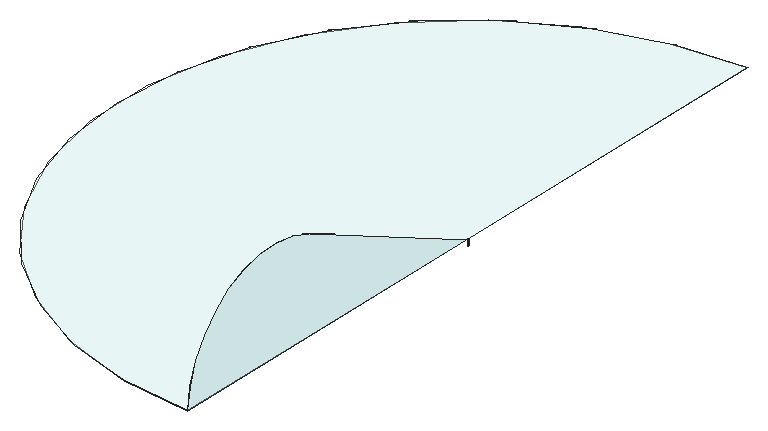
Revit family "Rotor Falvon 6504 Series - I6504FCSSNP", category Acessórios do tubo, Revit 2020
Family settings
  Cota do conector redondo = Utilizar diâmetro
  Tipo de parte = Normal
  Número OmniClass = 23.60.30.11.14
  Título OmniClass = Pipework Fittings
  Com base no plano de trabalho = Não
  Sempre na vertical = Sim
  Corte com vazios quando carregada = Não
  Compartilhado = Não
Parameters (values of type "Nozzle 18")
  Water = Water
  URL = "https://www.rainbird.com/"
  TABLE 90 = "TABLE 90psi"
  TABLE 80 = "TABLE 80psi"
  TABLE 70 = "TABLE 70psi"
  TABLE 60 = "TABLE 60psi"
  TABLE 50 = "TABLE 50psi"
  TABLE 40 = "TABLE 40psi"
  TABLE 30 = "TABLE 30psi"
  SupportProjetos: Reviw Date = ""  # constant formula
  SupportProjetos: Reviw = "R00"  # constant formula
  SupportProjetos: Level of Detail = "LOD 300"  # constant formula
  SupportProjetos: Developed = "MICHEL SOARES MOTA"  # constant formula
  SupportProjetos: Creation Date = "07/08/2020"  # constant formula
  Side inlet = no
  Rotation Water Visibility [instance] = Pop up on  # yes
  Rotation Angle [instance] = 180.00°
  RainBird: Product Link = "https://www.rainbird.com/"
  RainBird: Description = "FALCON I6504-FC-SS-NP Rotor "  # constant formula
  RainBird: Comment [instance] = ""
  RainBird: Code = "B65831NP"  # constant formula
  Radius [instance] = if(and(Pressure = 30.0 psi, Instance < 3 ft), size_lookup(TABLE 30, "Radius", 0 ft, Instance), if(and(Pressure = 40.0 psi, Instance < 9 ft), size_lookup(TABLE 40, "Radius", 0 ft, Instance), if(and(Pressure = 50.0 psi, Instance < 9 ft), size_lookup(TABLE 50, "Radius", 0 ft, Instance), if(and(Pressure = 60.0 psi, Instance < 9 ft), size_lookup(TABLE 60, "Radius", 0 ft, Instance), if(and(Pressure = 70.0 psi, Instance < 9 ft), size_lookup(TABLE 70, "Radius", 0 ft, Instance), if(and(Pressure = 80.0 psi, Instance < 9 ft), size_lookup(TABLE 80, "Radius", 0 ft, Instance), if(and(Pressure = 90.0 psi, Instance > 7 ft), size_lookup(TABLE 90, "Radius", 600 ft, Instance), 0 ft)))))))  # 63 ft
  RT = 0.009893 ft
  RN = 0.032808 ft
  R5 = 0.03937 ft
  R4 = 0.04101 ft
  R3 = 0.065617 ft
  R2 = 0.075407 ft
  R1 = 0.032808 ft
  Pressure [instance] = 60.0 psi
  Pop up height = 0.334646 ft
  Pop up on [instance] = yes
  Modelo = "I6504-FCSSNP"  # constant formula
  Instance = 8 ft
  H1 = Body height / 3  # 0.236333 ft
  Flow [instance] = if(and(Pressure = 30.0 psi, Instance < 3 ft), size_lookup(TABLE 30, "Flow", 0.0 GPM, Instance), if(and(Pressure = 40.0 psi, Instance < 9 ft), size_lookup(TABLE 40, "Flow", 0.0 GPM, Instance), if(and(Pressure = 50.0 psi, Instance < 9 ft), size_lookup(TABLE 50, "Flow", 0.0 GPM, Instance), if(and(Pressure = 60.0 psi, Instance < 9 ft), size_lookup(TABLE 60, "Flow", 0.0 GPM, Instance), if(and(Pressure = 70.0 psi, Instance < 9 ft), size_lookup(TABLE 70, "Flow", 0.0 GPM, Instance), if(and(Pressure = 80.0 psi, Instance < 9 ft), size_lookup(TABLE 80, "Flow", 0.0 GPM, Instance), if(and(Pressure = 90.0 psi, Instance > 7 ft), size_lookup(TABLE 90, "Flow", 0.0 GPM, Instance), 0.0 GPM)))))))  # 17.1 GPM
  Fabricante = "Rain Bird"
  Elevação padrão = 0 ft
  Description = RainBird: Description  # "FALCON I6504-FC-SS-NP Rotor "
  DD13 = 0.002625 ft
  DD12 = 0.003937 ft
  DD11 = 0.009897 ft
  DD10 = 0.016404 ft
  DD8 [instance] = if(Pop up on, Pop up height, 0 ft)  # 0.334646 ft
  DD7 = 0.019685 ft
  DD6 [instance] = 0.016404 ft
  DD5 = 0.065617 ft
  DD4 = 0.032808 ft
  DD3 = 0.091048 ft
  DD2 [instance] = 0.024514 ft
  DD9 [instance] = if(Pop up on, Pop up height + 0.049541 ft, 0 ft)  # 0.384186 ft
  DD1 = 0.006562 ft
  Conection = 0.062664 ft  # constant formula
  Body height = 0.709 ft  # constant formula
  Blue = Blue Plastic
  Black Plastic = Black Plastic
  Angle = 25.00°
Types (9, lengths in ft): name | Radius | Pressure | Instance | Flow
  (no name) | 63 | 60.0 psi | 8 | 17.1 GPM
  Nozzle 4 | 43 | 80.0 psi | 1 | 4.6 GPM
  Nozzle 6 | 49 | 80.0 psi | 2 | 4.9 GPM
  Nozzle 8 | 53 | 80.0 psi | 3 | 9.4 GPM
  Nozzle 10 | 55 | 80.0 psi | 4 | 11.6 GPM
  Nozzle 12 | 61 | 80.0 psi | 5 | 14.0 GPM
  Tipo 14 | 61 | 80.0 psi | 6 | 16.2 GPM
  Nozzle 16 | 63 | 80.0 psi | 7 | 18.1 GPM
  Nozzle 18 | 63 | 60.0 psi | 8 | 17.1 GPM
Reference planes (ft)
  plane 1 "Centro (Frente/Trás)": y = 0
  plane 2: z = 0
  plane 3 "Centro (Esquerda/Direita)": x = 0
  plane 4: z = 0.003937
  plane 5: z = 0.002625
  plane 6: y = -0.065617
Forms (ft)
  Revolve 1, solid, material "Black Plastic" <- "Black Plastic"
    sketch origin (0, 0, 0) x (1, 0, 0) y (0, 0, 1)
      loop
        line (0.075407, -0.091048) -> (0.075407, -0.035324)
        arc (0.075407, -0.035324) -> (0.072509, -0.028329) -> (0.065514, -0.025431) r 0.009893
        line (0.065514, -0.025431) -> (0.046098, -0.025431) -> (0.046098, 0) -> (0.03937, 0) -> (0.03937, -0.334646) -> (0.019685, -0.334646) -> (0.019685, -0.702438) -> (0.032808, -0.702438) -> (0.032808, -0.709) -> (0.04101, -0.709) -> (0.04101, -0.702438) -> (0.055724, -0.702438)
        arc (0.055724, -0.702438) -> (0.062719, -0.699541) -> (0.065617, -0.692545) r 0.009893
        line (0.065617, -0.692545) -> (0.065617, -0.091048) -> (0.075407, -0.091048)
      axis (0, -0.709) -> (0, 0)
    angle from 0 to 360
  Extrusion 2, solid, material "Black Plastic" <- "Black Plastic"
    sketch origin (0, 0, 0) x (1, 0, 0) y (0, 1, 0)
      loop
        circle (0, 0) r 0.032808
    from -0.334646 to 0.334646
  Extrusion 3, void
    sketch origin (0, 0, 0) x (1, 0, 0) y (0, 1, 0)
      loop
        circle (0, 0) r 0.022844
    from -0.334646 to 0.334646
  Revolve 4, solid, material "Black Plastic" <- "Black Plastic"
    sketch origin (0, 0, 0) x (1, 0, 0) y (0, 0, 1)
      loop
        line (0, 0.334646) -> (0.037004, 0.334646) -> (0.037004, 0.344543)
        arc (0.037004, 0.344543) -> (0.01879, 0.349436) -> (0, 0.35105) r 0.10685
        line (0, 0.35105) -> (0, 0.334646)
      axis (0, 0.334646) -> (0, 0.35105)
    angle from 0 to 360
  Extrusion 5, solid, material "Blue Plastic" <- "Blue"
    sketch origin (0, 0, 0) x (1, 0, 0) y (0, 0, 1)
      loop
        circle (0, 0.310131) r 0.009129
      loop
        circle (0, 0.310131) r 0.004793
    from 0 to 0.034386
  Extrusion 6, void
    sketch origin (0, 0, 0) x (1, 0, 0) y (0, 0, 1)
      loop
        line (-0.02074, 0.328055) -> (-0.02074, 0.282426) -> (0.020672, 0.282426) -> (0.020672, 0.328055) -> (-0.02074, 0.328055)
      loop
        line (-0.018439, 0.325179) -> (-0.018439, 0.285685) -> (0.018179, 0.285685) -> (0.018179, 0.325179) -> (-0.018439, 0.325179)
    from 0.024556 to 0.06931
  Extrusion 7, solid, material "Black Plastic" <- "Black Plastic"
    sketch origin (0, 0, 0) x (1, 0, 0) y (0, 0, 1)
      loop
        line (0.046098, 0) -> (0.046098, -0.036876) -> (0.073493, -0.036876) -> (0.046098, 0)
    from -0.002998 to 0.002998
  Extrusion 8, solid, material "Black Plastic" <- "Black Plastic"
    sketch origin (0, 0, 0) x (-1, 0, 0) y (0, 0, -1)
      loop
        line (0.046098, 0) -> (0.073493, 0.036876) -> (0.046098, 0.036876) -> (0.046098, 0)
    from -0.002998 to 0.002998
  Extrusion 9, solid, material "Black Plastic" <- "Black Plastic"
    sketch origin (0, 0, 0) x (0.866025, 0.5, 0) y (0, 0, 1)
      loop
        line (0.046098, 0) -> (0.046098, -0.036876) -> (0.073493, -0.036876) -> (0.046098, 0)
    from -0.002998 to 0.002998
  Extrusion 10, solid, material "Black Plastic" <- "Black Plastic"
    sketch origin (0, 0, 0) x (-0.866025, -0.5, 0) y (0, 0, -1)
      loop
        line (0.046098, 0) -> (0.073493, 0.036876) -> (0.046098, 0.036876) -> (0.046098, 0)
    from -0.002998 to 0.002998
  Extrusion 11, solid, material "Black Plastic" <- "Black Plastic"
    sketch origin (0, 0, 0) x (0, 1, 0) y (0, 0, 1)
      loop
        line (0.046098, 0) -> (0.046098, -0.036876) -> (0.073493, -0.036876) -> (0.046098, 0)
    from -0.002998 to 0.002998
  Extrusion 12, solid, material "Black Plastic" <- "Black Plastic"
    sketch origin (0, 0, 0) x (0, -1, 0) y (0, 0, -1)
      loop
        line (0.046098, 0) -> (0.073493, 0.036876) -> (0.046098, 0.036876) -> (0.046098, 0)
    from -0.002998 to 0.002998
  Extrusion 13, solid, material "Black Plastic" <- "Black Plastic"
    sketch origin (0, 0, 0) x (0.5, 0.866025, 0) y (0, 0, 1)
      loop
        line (0.046098, 0) -> (0.046098, -0.036876) -> (0.073493, -0.036876) -> (0.046098, 0)
    from -0.002998 to 0.002998
  Extrusion 14, solid, material "Black Plastic" <- "Black Plastic"
    sketch origin (0, 0, 0) x (-0.5, -0.866025, 0) y (0, 0, -1)
      loop
        line (0.046098, 0) -> (0.073493, 0.036876) -> (0.046098, 0.036876) -> (0.046098, 0)
    from -0.002998 to 0.002998
  Extrusion 15, solid, material "Black Plastic" <- "Black Plastic"
    sketch origin (0, 0, 0) x (-0.5, 0.866025, 0) y (0, 0, 1)
      loop
        line (0.046098, 0) -> (0.046098, -0.036876) -> (0.073493, -0.036876) -> (0.046098, 0)
    from -0.002998 to 0.002998
  Extrusion 16, solid, material "Black Plastic" <- "Black Plastic"
    sketch origin (0, 0, 0) x (0.5, -0.866025, 0) y (0, 0, -1)
      loop
        line (0.046098, 0) -> (0.073493, 0.036876) -> (0.046098, 0.036876) -> (0.046098, 0)
    from -0.002998 to 0.002998
  Extrusion 17, solid, material "Black Plastic" <- "Black Plastic"
    sketch origin (0, 0, 0) x (-0.866025, 0.5, 0) y (0, 0, 1)
      loop
        line (0.046098, 0) -> (0.046098, -0.036876) -> (0.073493, -0.036876) -> (0.046098, 0)
    from -0.002998 to 0.002998
  Extrusion 18, solid, material "Black Plastic" <- "Black Plastic"
    sketch origin (0, 0, 0) x (0.866025, -0.5, 0) y (0, 0, -1)
      loop
        line (0.046098, 0) -> (0.073493, 0.036876) -> (0.046098, 0.036876) -> (0.046098, 0)
    from -0.002998 to 0.002998
  Extrusion 19, void
    sketch origin (0, 0, 0) x (1, 0, 0) y (0, 1, 0)
      loop
        line (-0.002998, 0.077702) -> (-0.002998, 0.071655) -> (0.002998, 0.071655) -> (0.002998, 0.077702) -> (-0.002998, 0.077702)
    from -0.091048 to 0.82021
  Extrusion 20, void
    sketch origin (0, 0, 0) x (1, 0, 0) y (0, 1, 0)
      loop
        line (0.002998, -0.077702) -> (0.002998, -0.071655) -> (-0.002998, -0.071655) -> (-0.002998, -0.077702) -> (0.002998, -0.077702)
    from -0.091048 to 0.82021
  Extrusion 21, void
    sketch origin (0, 0, 0) x (0.965926, 0.258819, 0) y (-0.258819, 0.965926, 0)
      loop
        line (-0.002998, 0.077702) -> (-0.002998, 0.071655) -> (0.002998, 0.071655) -> (0.002998, 0.077702) -> (-0.002998, 0.077702)
    from -0.091048 to 0.82021
  Extrusion 22, void
    sketch origin (0, 0, 0) x (0.965926, 0.258819, 0) y (-0.258819, 0.965926, 0)
      loop
        line (0.002998, -0.077702) -> (0.002998, -0.071655) -> (-0.002998, -0.071655) -> (-0.002998, -0.077702) -> (0.002998, -0.077702)
    from -0.091048 to 0.82021
  Extrusion 23, void
    sketch origin (0, 0, 0) x (0.866025, 0.5, 0) y (-0.5, 0.866025, 0)
      loop
        line (-0.002998, 0.077702) -> (-0.002998, 0.071655) -> (0.002998, 0.071655) -> (0.002998, 0.077702) -> (-0.002998, 0.077702)
    from -0.091048 to 0.82021
  Extrusion 24, void
    sketch origin (0, 0, 0) x (0.866025, 0.5, 0) y (-0.5, 0.866025, 0)
      loop
        line (0.002998, -0.077702) -> (0.002998, -0.071655) -> (-0.002998, -0.071655) -> (-0.002998, -0.077702) -> (0.002998, -0.077702)
    from -0.091048 to 0.82021
  Extrusion 25, void
    sketch origin (0, 0, 0) x (0.5, 0.866025, 0) y (-0.866025, 0.5, 0)
      loop
        line (-0.002998, 0.077702) -> (-0.002998, 0.071655) -> (0.002998, 0.071655) -> (0.002998, 0.077702) -> (-0.002998, 0.077702)
    from -0.091048 to 0.82021
  Extrusion 26, void
    sketch origin (0, 0, 0) x (0.5, 0.866025, 0) y (-0.866025, 0.5, 0)
      loop
        line (0.002998, -0.077702) -> (0.002998, -0.071655) -> (-0.002998, -0.071655) -> (-0.002998, -0.077702) -> (0.002998, -0.077702)
    from -0.091048 to 0.82021
  Extrusion 27, void
    sketch origin (0, 0, 0) x (0.707107, 0.707107, 0) y (-0.707107, 0.707107, 0)
      loop
        line (-0.002998, 0.077702) -> (-0.002998, 0.071655) -> (0.002998, 0.071655) -> (0.002998, 0.077702) -> (-0.002998, 0.077702)
    from -0.091048 to 0.82021
  Extrusion 28, void
    sketch origin (0, 0, 0) x (0.707107, 0.707107, 0) y (-0.707107, 0.707107, 0)
      loop
        line (0.002998, -0.077702) -> (0.002998, -0.071655) -> (-0.002998, -0.071655) -> (-0.002998, -0.077702) -> (0.002998, -0.077702)
    from -0.091048 to 0.82021
  Extrusion 29, void
    sketch origin (0, 0, 0) x (0.258819, 0.965926, 0) y (-0.965926, 0.258819, 0)
      loop
        line (-0.002998, 0.077702) -> (-0.002998, 0.071655) -> (0.002998, 0.071655) -> (0.002998, 0.077702) -> (-0.002998, 0.077702)
    from -0.091048 to 0.82021
  Extrusion 30, void
    sketch origin (0, 0, 0) x (0.258819, 0.965926, 0) y (-0.965926, 0.258819, 0)
      loop
        line (0.002998, -0.077702) -> (0.002998, -0.071655) -> (-0.002998, -0.071655) -> (-0.002998, -0.077702) -> (0.002998, -0.077702)
    from -0.091048 to 0.82021
  Extrusion 31, void
    sketch origin (0, 0, 0) x (0, 1, 0) y (-1, 0, 0)
      loop
        line (-0.002998, 0.077702) -> (-0.002998, 0.071655) -> (0.002998, 0.071655) -> (0.002998, 0.077702) -> (-0.002998, 0.077702)
    from -0.091048 to 0.82021
  Extrusion 32, void
    sketch origin (0, 0, 0) x (0, 1, 0) y (-1, 0, 0)
      loop
        line (0.002998, -0.077702) -> (0.002998, -0.071655) -> (-0.002998, -0.071655) -> (-0.002998, -0.077702) -> (0.002998, -0.077702)
    from -0.091048 to 0.82021
  Extrusion 33, void
    sketch origin (0, 0, 0) x (-0.258819, 0.965926, 0) y (-0.965926, -0.258819, 0)
      loop
        line (-0.002998, 0.077702) -> (-0.002998, 0.071655) -> (0.002998, 0.071655) -> (0.002998, 0.077702) -> (-0.002998, 0.077702)
    from -0.091048 to 0.82021
  Extrusion 34, void
    sketch origin (0, 0, 0) x (-0.258819, 0.965926, 0) y (-0.965926, -0.258819, 0)
      loop
        line (0.002998, -0.077702) -> (0.002998, -0.071655) -> (-0.002998, -0.071655) -> (-0.002998, -0.077702) -> (0.002998, -0.077702)
    from -0.091048 to 0.82021
  Extrusion 35, void
    sketch origin (0, 0, 0) x (-0.5, 0.866025, 0) y (-0.866025, -0.5, 0)
      loop
        line (-0.002998, 0.077702) -> (-0.002998, 0.071655) -> (0.002998, 0.071655) -> (0.002998, 0.077702) -> (-0.002998, 0.077702)
    from -0.091048 to 0.82021
  Extrusion 36, void
    sketch origin (0, 0, 0) x (-0.5, 0.866025, 0) y (-0.866025, -0.5, 0)
      loop
        line (0.002998, -0.077702) -> (0.002998, -0.071655) -> (-0.002998, -0.071655) -> (-0.002998, -0.077702) -> (0.002998, -0.077702)
    from -0.091048 to 0.82021
  Extrusion 37, void
    sketch origin (0, 0, 0) x (-0.707107, 0.707107, 0) y (-0.707107, -0.707107, 0)
      loop
        line (-0.002998, 0.077702) -> (-0.002998, 0.071655) -> (0.002998, 0.071655) -> (0.002998, 0.077702) -> (-0.002998, 0.077702)
    from -0.091048 to 0.82021
  Extrusion 38, void
    sketch origin (0, 0, 0) x (-0.707107, 0.707107, 0) y (-0.707107, -0.707107, 0)
      loop
        line (0.002998, -0.077702) -> (0.002998, -0.071655) -> (-0.002998, -0.071655) -> (-0.002998, -0.077702) -> (0.002998, -0.077702)
    from -0.091048 to 0.82021
  Extrusion 39, void
    sketch origin (0, 0, 0) x (-0.866025, 0.5, 0) y (-0.5, -0.866025, 0)
      loop
        line (-0.002998, 0.077702) -> (-0.002998, 0.071655) -> (0.002998, 0.071655) -> (0.002998, 0.077702) -> (-0.002998, 0.077702)
    from -0.091048 to 0.82021
  Extrusion 40, void
    sketch origin (0, 0, 0) x (-0.866025, 0.5, 0) y (-0.5, -0.866025, 0)
      loop
        line (0.002998, -0.077702) -> (0.002998, -0.071655) -> (-0.002998, -0.071655) -> (-0.002998, -0.077702) -> (0.002998, -0.077702)
    from -0.091048 to 0.82021
  Extrusion 41, void
    sketch origin (0, 0, 0) x (-0.965926, 0.258819, 0) y (-0.258819, -0.965926, 0)
      loop
        line (-0.002998, 0.077702) -> (-0.002998, 0.071655) -> (0.002998, 0.071655) -> (0.002998, 0.077702) -> (-0.002998, 0.077702)
    from -0.091048 to 0.82021
  Extrusion 42, void
    sketch origin (0, 0, 0) x (-0.965926, 0.258819, 0) y (-0.258819, -0.965926, 0)
      loop
        line (0.002998, -0.077702) -> (0.002998, -0.071655) -> (-0.002998, -0.071655) -> (-0.002998, -0.077702) -> (0.002998, -0.077702)
    from -0.091048 to 0.82021
  Extrusion 43, solid, material "Water" <- "Water", visible <- "Rotation Water Visibility"
    sketch origin (0, 0, 0) x (0, 1, 0) y (0, 0, 1)
      loop
        line (-0.032808, 0.310131) -> (-35.615202, 16.902474)
        arc (-35.615202, 16.902474) -> (-53.751991, 15.923219) -> (-63.032808, 0.310131) r 19.287003
        line (-63.032808, 0.310131) -> (-0.032808, 0.310131)
    from -0.008202 to 0.008202
Cuts and joins
  Extrusion 3, Extrusion 6 cuts Extrusion 2
  Extrusion 19, Extrusion 20, Extrusion 21, Extrusion 22, Extrusion 23, Extrusion 24, Extrusion 25, Extrusion 26, Extrusion 27, Extrusion 28, Extrusion 29, Extrusion 30, Extrusion 31, Extrusion 32, Extrusion 33, Extrusion 34, Extrusion 35, Extrusion 36, Extrusion 37, Extrusion 38, Extrusion 39, Extrusion 40, Extrusion 41, Extrusion 42 cuts Revolve 1
Dimensions and locks (ft)
  "Body height": level to Revolve 1 sketch curve
  "R2": Revolve 1 sketch curve to plane 3 "Centro (Esquerda/Direita)"
  "DD1": Revolve 1 sketch curve to Revolve 1 sketch curve
  "DD3": level to Revolve 1 sketch curve
  Revolve 1 sketch curve to plane 3 "Centro (Esquerda/Direita)" = 0.065617 ft
  "R4": Revolve 1 sketch curve to plane 3 "Centro (Esquerda/Direita)"
  "RN": Revolve 1 sketch curve to plane 3 "Centro (Esquerda/Direita)"
  "Pop up height": level to Revolve 1 sketch curve
  "R5": plane 3 "Centro (Esquerda/Direita)" to Revolve 1 sketch curve
  "DD7": Revolve 1 sketch curve to plane 3 "Centro (Esquerda/Direita)"
  "DD8": Extrusion 2 to level
  "DD12": plane 4 to level
  "DD13": plane 5 to level
  "R3": plane 6 to plane 1 "Centro (Frente/Trás)"
  "DD5": Revolve 1 sketch curve to Revolve 1 sketch curve
  "DD10": Revolve 4 sketch curve to Revolve 4 sketch curve
  "DD11": Revolve 4 sketch curve to Revolve 4 sketch curve
  "DD2": Revolve 4 to Extrusion 5 sketch curve  (x2)
  Extrusion 7 to plane 3 "Centro (Esquerda/Direita)" = 0.046098 ft
  equal spacing: Extrusion 7, plane 1 "Centro (Frente/Trás)", Extrusion 7
  Extrusion 8 to Extrusion 8 = 0.005995 ft
  Extrusion 9 to Extrusion 9 = 0.005995 ft
  Extrusion 20 sketch curve to Extrusion 20 sketch curve = 0.005995 ft
  Extrusion 22 sketch curve to Extrusion 22 sketch curve = 0.005995 ft
  Extrusion 24 sketch curve to Extrusion 24 sketch curve = 0.005995 ft
  Extrusion 26 sketch curve to Extrusion 26 sketch curve = 0.005995 ft
  Extrusion 28 sketch curve to Extrusion 28 sketch curve = 0.005995 ft
  Extrusion 30 sketch curve to Extrusion 30 sketch curve = 0.005995 ft
  Extrusion 32 sketch curve to Extrusion 32 sketch curve = 0.005995 ft
  Extrusion 34 sketch curve to Extrusion 34 sketch curve = 0.005995 ft
  Extrusion 36 sketch curve to Extrusion 36 sketch curve = 0.005995 ft
  Extrusion 38 sketch curve to Extrusion 38 sketch curve = 0.005995 ft
  Extrusion 40 sketch curve to Extrusion 40 sketch curve = 0.005995 ft
  Extrusion 42 sketch curve to Extrusion 42 sketch curve = 0.005995 ft
  "DD4": plane 1 "Centro (Frente/Trás)" to Extrusion 43 sketch curve
  "DD2": Revolve 4 to Extrusion 43 sketch curve
  "Radius": Extrusion 43 sketch curve to Extrusion 43 sketch curve
  equal spacing: Extrusion 43, plane 3 "Centro (Esquerda/Direita)", Extrusion 43
  "DD6": Extrusion 43 to Extrusion 43
  "DD2": Revolve 4 to nested 1
  "RT": radius of Revolve 1 sketch curve  (x2)
  "R1": radius of Extrusion 2 sketch curve
  "Angle": angle Extrusion 43 sketch curve to Extrusion 43 sketch curve
  aligned and locked: level to plane 2
  aligned and locked: Revolve 1 sketch curve to Revolve 1 sketch curve
  aligned and locked: Extrusion 2 to Revolve 1
  aligned and locked: cut or joined group of Extrusion 2, Extrusion 3, Extrusion 6 to cut or joined group of Extrusion 2, Extrusion 3, Extrusion 6  (x2)
  aligned and locked: Revolve 4 sketch curve to cut or joined group of Extrusion 2, Extrusion 3, Extrusion 6
  aligned and locked: Extrusion 20 to Revolve 1
  aligned and locked: Extrusion 22 to Revolve 1
  aligned and locked: Extrusion 24 to Revolve 1
  aligned and locked: Extrusion 28 to Revolve 1
  aligned and locked: Extrusion 26 to Revolve 1
  aligned and locked: Extrusion 30 to Revolve 1
  aligned and locked: Extrusion 32 to Revolve 1
  aligned and locked: Extrusion 34 to Revolve 1
  aligned and locked: Revolve 1 to Extrusion 36
  aligned and locked: Revolve 1 to Extrusion 38
  aligned and locked: Extrusion 41 to Revolve 1
  aligned and locked: Extrusion 39 to Revolve 1
  aligned and locked: Extrusion 37 to Revolve 1
  aligned and locked: Extrusion 35 to Revolve 1
  aligned and locked: Extrusion 33 to Revolve 1
  aligned and locked: Extrusion 31 to Revolve 1
  aligned and locked: Extrusion 29 to Revolve 1
  aligned and locked: Revolve 1 to Extrusion 25
  aligned and locked: Revolve 1 to Extrusion 27
  aligned and locked: Revolve 1 to Extrusion 19
  aligned and locked: Revolve 1 to Extrusion 21
  aligned and locked: Revolve 1 to Extrusion 42
  aligned and locked: Revolve 1 to Extrusion 40
  aligned and locked: Revolve 1 to Extrusion 23
Automatic sketch dimensions
  plane 1 "Centro (Frente/Trás)" to Extrusion 2 sketch curve = 0 ft
  Extrusion 2 sketch curve to plane 3 "Centro (Esquerda/Direita)" = 0 ft
  plane 1 "Centro (Frente/Trás)" to Extrusion 3 sketch curve = 0 ft
  Extrusion 3 sketch curve to plane 3 "Centro (Esquerda/Direita)" = 0 ft
  Revolve 4 sketch curve to plane 3 "Centro (Esquerda/Direita)" = 0 ft  (x2)
  plane 3 "Centro (Esquerda/Direita)" to Revolve 4 sketch curve = 0.000284 ft
  plane 3 "Centro (Esquerda/Direita)" to Revolve 4 sketch curve = 0.037004 ft
  Revolve 4 sketch curve to Revolve 4 sketch curve = 0.015719 ft
  Revolve 4 sketch curve to Revolve 4 sketch curve = 0.114829 ft
  Extrusion 5 sketch curve to Extrusion 5 sketch curve = 0 ft
  Extrusion 5 sketch curve to plane 3 "Centro (Esquerda/Direita)" = 0 ft
  Extrusion 6 sketch curve to plane 3 "Centro (Esquerda/Direita)" = 0.02074 ft
  Extrusion 6 sketch curve to Extrusion 6 sketch curve = 0.002301 ft
  plane 3 "Centro (Esquerda/Direita)" to Extrusion 6 sketch curve = 0.018179 ft
  Extrusion 6 sketch curve to Extrusion 6 sketch curve = 0.002492 ft
  plane 4 to Extrusion 6 sketch curve = 0.278489 ft
  Extrusion 6 sketch curve to Extrusion 6 sketch curve = 0.003259 ft
  Extrusion 6 sketch curve to Extrusion 6 sketch curve = 0.039494 ft
  Extrusion 6 sketch curve to Extrusion 6 sketch curve = 0.002876 ft
  Extrusion 7 sketch curve to level = 0 ft
  plane 3 "Centro (Esquerda/Direita)" to Extrusion 7 sketch curve = 0.046098 ft
  Extrusion 7 sketch curve to Extrusion 7 sketch curve = 0.027396 ft
  Extrusion 7 sketch curve to Extrusion 7 sketch curve = 0.036876 ft
  Extrusion 8 sketch curve to level = 0 ft
  plane 3 "Centro (Esquerda/Direita)" to Extrusion 8 sketch curve = 0.046098 ft
  Extrusion 8 sketch curve to Extrusion 8 sketch curve = 0.027396 ft
  Extrusion 8 sketch curve to Extrusion 8 sketch curve = 0.036876 ft
  Extrusion 9 sketch curve to level = 0 ft
  Extrusion 9 sketch curve to level = 0.036876 ft
  Extrusion 9 sketch curve to Extrusion 9 sketch curve = 0.027396 ft
  Extrusion 10 sketch curve to level = 0 ft
  Extrusion 10 sketch curve to level = 0.036876 ft
  Extrusion 10 sketch curve to Extrusion 10 sketch curve = 0.027396 ft
  Extrusion 11 sketch curve to level = 0 ft
  Extrusion 11 sketch curve to plane 1 "Centro (Frente/Trás)" = 0.046098 ft
  Extrusion 11 sketch curve to Extrusion 11 sketch curve = 0.027396 ft
  Extrusion 11 sketch curve to Extrusion 11 sketch curve = 0.036876 ft
  Extrusion 12 sketch curve to level = 0 ft
  plane 6 to Extrusion 12 sketch curve = 0.019519 ft
  Extrusion 12 sketch curve to plane 6 = 0.007877 ft
  Extrusion 12 sketch curve to level = 0.036876 ft
  Extrusion 13 sketch curve to level = 0 ft
  Extrusion 13 sketch curve to level = 0.036876 ft
  Extrusion 13 sketch curve to Extrusion 13 sketch curve = 0.027396 ft
  Extrusion 14 sketch curve to level = 0 ft
  Extrusion 14 sketch curve to level = 0.036876 ft
  Extrusion 14 sketch curve to Extrusion 14 sketch curve = 0.027396 ft
  level to Extrusion 15 sketch curve = 0 ft
  Extrusion 15 sketch curve to level = 0.036876 ft
  Extrusion 15 sketch curve to Extrusion 15 sketch curve = 0.027396 ft
  level to Extrusion 16 sketch curve = 0 ft
  Extrusion 16 sketch curve to level = 0.036876 ft
  Extrusion 16 sketch curve to Extrusion 16 sketch curve = 0.027396 ft
  level to Extrusion 17 sketch curve = 0 ft
  Extrusion 17 sketch curve to level = 0.036876 ft
  Extrusion 17 sketch curve to Extrusion 17 sketch curve = 0.027396 ft
  level to Extrusion 18 sketch curve = 0 ft
  Extrusion 18 sketch curve to level = 0.036876 ft
  Extrusion 18 sketch curve to Extrusion 18 sketch curve = 0.027396 ft
  Extrusion 19 sketch curve to plane 3 "Centro (Esquerda/Direita)" = 0.002998 ft
  Extrusion 19 sketch curve to plane 1 "Centro (Frente/Trás)" = 0.071655 ft
  Extrusion 19 sketch curve to Extrusion 19 sketch curve = 0.006047 ft
  plane 3 "Centro (Esquerda/Direita)" to Extrusion 20 sketch curve = 0.002998 ft
  plane 6 to Extrusion 20 sketch curve = 0.006038 ft
  Extrusion 20 sketch curve to Extrusion 20 sketch curve = 0.006047 ft
  plane 3 "Centro (Esquerda/Direita)" to Extrusion 19 sketch curve = 0.002998 ft
  Extrusion 21 sketch curve to plane 3 "Centro (Esquerda/Direita)" = 0.021441 ft
  Extrusion 21 sketch curve to plane 1 "Centro (Frente/Trás)" = 0.068438 ft
  Extrusion 21 sketch curve to Extrusion 21 sketch curve = 0.005995 ft
  Extrusion 21 sketch curve to Extrusion 21 sketch curve = 0.006047 ft
  Extrusion 22 sketch curve to plane 6 = 0.010213 ft
  plane 3 "Centro (Esquerda/Direita)" to Extrusion 22 sketch curve = 0.017215 ft
  Extrusion 22 sketch curve to Extrusion 22 sketch curve = 0.006047 ft
  Extrusion 23 sketch curve to plane 3 "Centro (Esquerda/Direita)" = 0.038424 ft
  Extrusion 23 sketch curve to plane 1 "Centro (Frente/Trás)" = 0.060556 ft
  Extrusion 23 sketch curve to Extrusion 23 sketch curve = 0.005995 ft
  Extrusion 23 sketch curve to Extrusion 23 sketch curve = 0.006047 ft
  Extrusion 24 sketch curve to plane 6 = 0.003174 ft
  plane 3 "Centro (Esquerda/Direita)" to Extrusion 24 sketch curve = 0.036255 ft
  Extrusion 24 sketch curve to Extrusion 24 sketch curve = 0.006047 ft
  Extrusion 25 sketch curve to plane 1 "Centro (Frente/Trás)" = 0.033231 ft
  Extrusion 25 sketch curve to plane 3 "Centro (Esquerda/Direita)" = 0.063554 ft
  Extrusion 25 sketch curve to Extrusion 25 sketch curve = 0.005995 ft
  Extrusion 25 sketch curve to Extrusion 25 sketch curve = 0.006047 ft
  Extrusion 26 sketch curve to plane 6 = 0.02417 ft
  Extrusion 26 sketch curve to plane 3 "Centro (Esquerda/Direita)" = 0.065793 ft
  Extrusion 26 sketch curve to Extrusion 26 sketch curve = 0.006047 ft
  Extrusion 27 sketch curve to plane 1 "Centro (Frente/Trás)" = 0.048548 ft
  Extrusion 27 sketch curve to plane 3 "Centro (Esquerda/Direita)" = 0.052787 ft
  Extrusion 27 sketch curve to Extrusion 27 sketch curve = 0.005995 ft
  Extrusion 27 sketch curve to Extrusion 27 sketch curve = 0.006047 ft
  plane 6 to Extrusion 28 sketch curve = 0.008554 ft
  plane 3 "Centro (Esquerda/Direita)" to Extrusion 28 sketch curve = 0.052824 ft
  Extrusion 28 sketch curve to Extrusion 28 sketch curve = 0.006047 ft
  Extrusion 29 sketch curve to plane 1 "Centro (Frente/Trás)" = 0.01565 ft
  Extrusion 29 sketch curve to plane 3 "Centro (Esquerda/Direita)" = 0.069989 ft
  Extrusion 29 sketch curve to Extrusion 29 sketch curve = 0.005995 ft
  Extrusion 29 sketch curve to Extrusion 29 sketch curve = 0.006047 ft
  plane 1 "Centro (Frente/Trás)" to Extrusion 30 sketch curve = 0.023006 ft
  plane 3 "Centro (Esquerda/Direita)" to Extrusion 30 sketch curve = 0.074278 ft
  Extrusion 30 sketch curve to Extrusion 30 sketch curve = 0.006047 ft
  plane 1 "Centro (Frente/Trás)" to Extrusion 31 sketch curve = 0.002998 ft
  Extrusion 31 sketch curve to plane 1 "Centro (Frente/Trás)" = 0.002998 ft
  Extrusion 31 sketch curve to plane 3 "Centro (Esquerda/Direita)" = 0.071655 ft
  Extrusion 31 sketch curve to Extrusion 31 sketch curve = 0.006047 ft
  plane 1 "Centro (Frente/Trás)" to Extrusion 32 sketch curve = 0.002998 ft
  plane 3 "Centro (Esquerda/Direita)" to Extrusion 32 sketch curve = 0.077702 ft
  Extrusion 32 sketch curve to Extrusion 32 sketch curve = 0.006047 ft
  plane 1 "Centro (Frente/Trás)" to Extrusion 33 sketch curve = 0.021441 ft
  Extrusion 33 sketch curve to plane 3 "Centro (Esquerda/Direita)" = 0.068438 ft
  Extrusion 33 sketch curve to Extrusion 33 sketch curve = 0.005995 ft
  Extrusion 33 sketch curve to Extrusion 33 sketch curve = 0.006047 ft
  Extrusion 34 sketch curve to plane 1 "Centro (Frente/Trás)" = 0.017215 ft
  plane 3 "Centro (Esquerda/Direita)" to Extrusion 34 sketch curve = 0.07583 ft
  Extrusion 34 sketch curve to Extrusion 34 sketch curve = 0.006047 ft
  plane 6 to Extrusion 35 sketch curve = 0.027193 ft
  Extrusion 35 sketch curve to plane 3 "Centro (Esquerda/Direita)" = 0.060556 ft
  Extrusion 35 sketch curve to Extrusion 35 sketch curve = 0.005995 ft
  Extrusion 35 sketch curve to Extrusion 35 sketch curve = 0.006047 ft
  Extrusion 36 sketch curve to plane 1 "Centro (Frente/Trás)" = 0.036255 ft
  plane 3 "Centro (Esquerda/Direita)" to Extrusion 36 sketch curve = 0.068791 ft
  Extrusion 36 sketch curve to Extrusion 36 sketch curve = 0.006047 ft
  plane 6 to Extrusion 37 sketch curve = 0.012829 ft
  Extrusion 37 sketch curve to plane 3 "Centro (Esquerda/Direita)" = 0.048548 ft
  Extrusion 37 sketch curve to Extrusion 37 sketch curve = 0.005995 ft
  Extrusion 37 sketch curve to Extrusion 37 sketch curve = 0.006047 ft
  Extrusion 38 sketch curve to plane 1 "Centro (Frente/Trás)" = 0.052824 ft
  plane 3 "Centro (Esquerda/Direita)" to Extrusion 38 sketch curve = 0.057063 ft
  Extrusion 38 sketch curve to Extrusion 38 sketch curve = 0.006047 ft
  plane 6 to Extrusion 39 sketch curve = 0.002063 ft
  Extrusion 39 sketch curve to plane 3 "Centro (Esquerda/Direita)" = 0.033231 ft
  Extrusion 39 sketch curve to Extrusion 39 sketch curve = 0.005995 ft
  Extrusion 39 sketch curve to Extrusion 39 sketch curve = 0.006047 ft
  plane 3 "Centro (Esquerda/Direita)" to Extrusion 40 sketch curve = 0.041447 ft
  Extrusion 40 sketch curve to plane 1 "Centro (Frente/Trás)" = 0.065793 ft
  Extrusion 40 sketch curve to Extrusion 40 sketch curve = 0.006047 ft
  Extrusion 41 sketch curve to plane 6 = 0.004372 ft
  Extrusion 41 sketch curve to plane 3 "Centro (Esquerda/Direita)" = 0.01565 ft
  Extrusion 41 sketch curve to Extrusion 41 sketch curve = 0.005995 ft
  Extrusion 41 sketch curve to Extrusion 41 sketch curve = 0.006047 ft
  plane 3 "Centro (Esquerda/Direita)" to Extrusion 42 sketch curve = 0.023006 ft
  Extrusion 42 sketch curve to plane 1 "Centro (Frente/Trás)" = 0.074278 ft
  Extrusion 42 sketch curve to Extrusion 42 sketch curve = 0.006047 ft
  Revolve 1 sketch curve to plane 3 "Centro (Esquerda/Direita)" = 0 ft
  Revolve 1 sketch curve to level = 0 ft
  Revolve 1 sketch curve to Revolve 1 sketch curve = 0.019416 ft
  plane 4 to Revolve 1 sketch curve = 0.079347 ft
  Revolve 1 sketch curve to Revolve 1 sketch curve = 0.918635 ft
  Extrusion 43 sketch curve to level = 0.577487 ft
  radius of Extrusion 3 sketch curve = 0.022844 ft
  radius of Extrusion 5 sketch curve = 0.009129 ft
  radius of Extrusion 5 sketch curve = 0.004793 ft
Nested families (ft)
  nested 1: "Water" at (0.000234, 0, 0.190874) x (0, -1, 0) z (0, 0, 1), DT9 <- "DD4", Radius <- "Radius", visible <- "Rotation Water Visibility", Rotation Angle <- "Rotation Angle", type "Water"
    with Rotation Angle 180.00°, Radius 63 ft, DT9 0.032808 ft, DT8 0 ft, DT7 252 ft, DT4 315 ft, Angle 2 180.00°
Connectors (ft)
  piping at (0, 0, -0.709), diameter 2
    settings: on cut or joined group of Revolve 1, Extrusion 19, Extrusion 20, Extrusion 21, Extrusion 22, Extrusion 23, Extrusion 24, Extrusion 25, Extrusion 26, Extrusion 27, Extrusion 28, Extrusion 29, Extrusion 30, Extrusion 31, Extrusion 32, Extrusion 33, Extrusion 34, Extrusion 35, Extrusion 36, Extrusion 37, Extrusion 38, Extrusion 39, Extrusion 40, Extrusion 41, Extrusion 42, index 1, connector inside diameter 609.6 mm, connector length 0 ft, flow factor 0, pipe flow 0.0 GPM, pressure drop 0.0 psi, fitting loss kfactor 0, connector angle 0.00°, fixture units 0, engagement length 0 ft, angle of deflection 0.00°, flow configuration 0, flow direction 0, fitting loss method 0, system type 28, joint type 0, gender type 0, connector reference index -1, connector utility 0, adjustable connector no, is connector primary yes, connector description ""
Definition of nested family "Water"
  Parameters (values of type "Water")
    Water Visibility (Circle) = yes
    Water = none
    URL = ""
    SupportProjetos: Reviw Date = ""  # constant formula
    SupportProjetos: Level of Detail = "LOD 300"  # constant formula
    SupportProjetos: Developed = "MICHEL SOARES MOTA"  # constant formula
    SupportProjetos: Creation Date = "16/07/2020"  # constant formula
    Rotation Angle [instance] = 90.00°
    Reviw = "R00"  # constant formula
    Radius [instance] = 14 ft
    Model = ""
    Default Elevation = 4 ft
    Description = ""
    DT9 [instance] = 0.032808 ft
    DT8 [instance] = if(Rotation Angle = 360.00°, 10 ft, 0 ft)  # 0 ft
    DT7 [instance] = 4 * Radius  # 56 ft
    DT4 [instance] = 5 * Radius  # 70 ft
    DT2 = 0.098425 ft  # constant formula
    DT6 = 0 ft
    Angle 2 [instance] = if(Rotation Angle = 360.00°, 180.00°, 360.00° - Rotation Angle)  # 270.00°
  Reference planes (ft)
    plane 1 "Centro (Frente/Trás)": y = 0
    plane 2: z = 0
    plane 3 "Centro (Esquerda/Direita)": x = 0
  Forms (ft)
    Revolve 1, solid, material <- "Water", visible <- "Water Visibility (Circle)"
      sketch origin (0, 0, 0) x (1, 0, 0) y (0, 0, 1)
        loop
          line (0.032808, 0.098425) -> (14.032808, 0.098425) -> (14.032808, 0.119259) -> (0.032808, 0.119259) -> (0.032808, 0.098425)
        axis (0, 0.098425) -> (0, 0.119259)
      angle from 0 to 360
    Extrusion 2, void
      sketch origin (0, 0, 0) x (1, 0, 0) y (0, 1, 0)
        loop
          line (0, 0) -> (70, 0) -> (70, 56)
          arc (70, 56) -> (-70.459018, 51.588344) -> (0, -70) r 81.847109
          line (0, -70) -> (0, 0)
      from 0 to 15.189231
  Cuts and joins
    Extrusion 2 cuts Revolve 1
  Dimensions and locks (ft)
    "DT2": Revolve 1 sketch curve to level
    "DT4": Extrusion 2 sketch curve to Extrusion 2 sketch curve  (x2)
    "DT6": Extrusion 2 sketch curve to plane 3 "Centro (Esquerda/Direita)"
    "DT7": Extrusion 2 sketch curve to Extrusion 2 sketch curve
    "DT8": cut or joined group of Revolve 1, Extrusion 2 to level
    "Radius": Revolve 1 sketch curve to Revolve 1 sketch curve
    "DT9": Revolve 1 sketch curve to plane 3 "Centro (Esquerda/Direita)"
    "Angle 2": angle Extrusion 2 sketch curve to Extrusion 2 sketch curve
    aligned and locked: level to plane 2
    aligned and locked: plane 1 "Centro (Frente/Trás)" to Extrusion 2 sketch curve
  Automatic sketch dimensions
    plane 3 "Centro (Esquerda/Direita)" to Extrusion 2 sketch curve = 1.088227 ft
    Revolve 1 sketch curve to plane 3 "Centro (Esquerda/Direita)" = 0 ft
    Revolve 1 sketch curve to Revolve 1 sketch curve = 0.020833 ft
    Revolve 1 sketch curve to Revolve 1 sketch curve = 0.032113 ft
    Revolve 1 sketch curve to Revolve 1 sketch curve = 10.2693 ft
